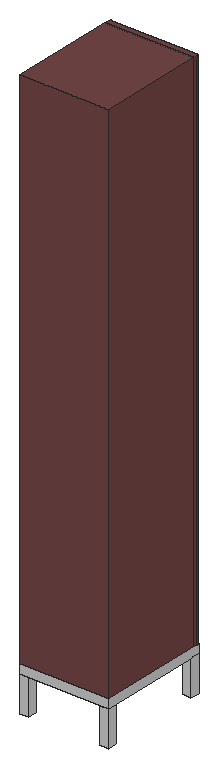
Revit family "IKEA_LILLANGEN_colonna 30", category Arredi fissi, host Muro, Revit 2015
Parameters (values of type "Tipo 1")
  materiale = Legno
  l piede = 3 cm
  h piede = 15 cm
  Profondità = 38 cm
  Larghezza = 30 cm
  Altezza = 194 cm
Reference planes (cm)
  plane 1: y = 0
  plane 2 "Centro (Sinistra/Destra)": x = 12.5
  plane 3 "Indietro": y = 7.5
  plane 4: x = 42.5
  plane 5: y = 45.5
  plane 6: y = 7.5
  plane 7: z = 15
  plane 8: z = 194
  plane 9: y = 43.5
  plane 10: z = 104.5
Forms (cm)
  Extrusion 1, solid, material "Acciaio, Galvanizzato"
    sketch origin (0, 0, 0) x (1, 0, 0) y (0, 1, 0)
      loop
        line (12.5, 45.5) -> (12.5, 42.5) -> (15.5, 42.5) -> (15.5, 45.5) -> (12.5, 45.5)
      loop
        line (39.5, 45.5) -> (39.5, 42.5) -> (42.5, 42.5) -> (42.5, 45.5) -> (39.5, 45.5)
      loop
        line (12.5, 10.5) -> (12.5, 7.5) -> (15.5, 7.5) -> (15.5, 10.5) -> (12.5, 10.5)
      loop
        line (39.5, 10.5) -> (39.5, 7.5) -> (42.5, 7.5) -> (42.5, 10.5) -> (39.5, 10.5)
    from 0 to 12
  Extrusion 2, solid, material "Acciaio, Galvanizzato"
    sketch origin (0, 0, 0) x (1, 0, 0) y (0, 1, 0)
      loop
        line (12.5, 45.5) -> (12.5, 7.5) -> (42.5, 7.5) -> (42.5, 45.5) -> (12.5, 45.5)
      loop
        line (15.5, 42.5) -> (15.5, 10.5) -> (39.5, 10.5) -> (39.5, 42.5) -> (15.5, 42.5)
    from 12 to 15
  Extrusion 3, solid, material "Legno" <- "materiale"
    sketch origin (0, 0, 0) x (1, 0, 0) y (0, 1, 0)
      loop
        line (12.7255, 43.5) -> (12.7255, 43.2793) -> (12.5, 43.2793) -> (12.5, 7.5) -> (42.5, 7.5) -> (42.5, 43.2793) -> (42.2745, 43.2793) -> (42.2745, 43.5) -> (12.7255, 43.5)
    from 15 to 194
  Extrusion 4, solid, material "Legno" <- "materiale"
    sketch origin (0, 0, 0) x (1, 0, 0) y (0, 1, 0)
      loop
        arc (13, 45.5) -> (12.6464, 45.3536) -> (12.5, 45) r 0.5
        line (12.5, 45) -> (12.5, 43.5) -> (42.5, 43.5) -> (42.5, 45)
        arc (42.5, 45) -> (42.3536, 45.3536) -> (42, 45.5) r 0.5
        line (42, 45.5) -> (13, 45.5)
    from 15 to 194
  Extrusion 5, solid, material "Acciaio, Galvanizzato"
    sketch origin (0, 0, 0) x (1, 0, 0) y (0, 1, 0)
      loop
        line (12.5, 43.5) -> (12.5, 46.1416) -> (13.5, 46.1416) -> (13.5, 46.3364) -> (12.4085, 46.3364)
        arc (12.4085, 46.3364) -> (12.333, 46.3052) -> (12.3017, 46.2296) r 0.1068
        line (12.3017, 46.2296) -> (12.3017, 43.5) -> (12.5, 43.5)
    from 101.5632 to 107.3535
Lines and regions (cm)
  reference lines
    curve 1: line (88.3774, 42.5, 0) -> (-2.3039, 42.5, 0)
    curve 2: line (15.5, 70.8131, 0) -> (15.5, -52.4343, 0)
    curve 3: line (39.5, -21.1269, 0) -> (39.5, 73.4248, 0)
    curve 4: line (-137.5, 10.5, 0) -> (162.5, 10.5, 0)
Text (cm)
  text "Lato posizionamento" at (-134.3702, 67.4496, 0), in view "Livello rif."
  text "Lato posizionamento" at (0, 123.2041, 295.8779), in view "Sinistra"
  text "Lato posizionamento" at (0, 59.0385, 303.599), in view "Destra"
Dimensions and locks (cm)
  locked: plane 3 "Indietro" to host wall at 0
  "Larghezza": plane 2 "Centro (Sinistra/Destra)" to plane 4
  "Profondità": plane 5 to plane 6
  "l piede": plane 2 "Centro (Sinistra/Destra)" to curve 2
  "l piede": plane 5 to curve 1
  "l piede": plane 6 to curve 4
  "l piede": curve 3 to plane 4
  locked: plane 9 to plane 5 at 2
  "h piede": curve 1 to plane 7
  "Altezza": curve 1 to plane 8
  aligned and locked: plane 1 to host wall
  aligned and locked: plane 6 to plane 3 "Indietro"
  aligned and locked: Extrusion 1 sketch curve to plane 5
  aligned and locked: plane 2 "Centro (Sinistra/Destra)" to Extrusion 1 sketch curve  (x2)
  aligned and locked: curve 1 to Extrusion 1 sketch curve  (x2)
  aligned and locked: curve 2 to Extrusion 1 sketch curve  (x2)
  aligned and locked: curve 3 to Extrusion 1 sketch curve  (x2)
  aligned and locked: curve 4 to Extrusion 1 sketch curve  (x2)
  aligned and locked: host wall to Extrusion 1 sketch curve  (x2)
  aligned and locked: plane 4 to Extrusion 1 sketch curve
  aligned and locked: Extrusion 2 sketch curve to Extrusion 1  (x6)
  aligned and locked: Extrusion 1 to Extrusion 2 sketch curve  (x2)
  aligned and locked: Extrusion 3 sketch curve to Extrusion 1
  aligned and locked: Extrusion 3 sketch curve to Extrusion 2  (x2)
  aligned and locked: plane 9 to Extrusion 4
  aligned and locked: Extrusion 4 to plane 2 "Centro (Sinistra/Destra)"
  aligned and locked: Extrusion 4 to plane 4
  aligned and locked: plane 5 to Extrusion 4
  aligned and locked: plane 9 to Extrusion 3 sketch curve
  aligned and locked: plane 8 to Extrusion 3
  aligned and locked: plane 8 to Extrusion 4
  aligned and locked: Extrusion 4 to plane 7
  aligned and locked: Extrusion 3 to plane 7
  aligned and locked: Extrusion 5 sketch curve to plane 2 "Centro (Sinistra/Destra)"
Automatic sketch dimensions
  Extrusion 1 sketch curve to plane 4 = 0 cm
  Extrusion 1 sketch curve to plane 5 = 0 cm
  Extrusion 4 sketch curve to plane 2 "Centro (Sinistra/Destra)" = 0 cm
  Extrusion 4 sketch curve to plane 5 = 0 cm
  Extrusion 4 sketch curve to plane 4 = 0 cm
  Extrusion 4 sketch curve to plane 5 = 2 cm
  plane 2 "Centro (Sinistra/Destra)" to Extrusion 4 sketch curve = 0.5 cm
  plane 4 to Extrusion 4 sketch curve = 0.5 cm
  plane 9 to Extrusion 3 sketch curve = 0.2207 cm  (x2)
  Extrusion 3 sketch curve to Extrusion 3 sketch curve = 0.2255 cm
  plane 2 "Centro (Sinistra/Destra)" to Extrusion 3 sketch curve = 0.2255 cm
  plane 9 to Extrusion 5 sketch curve = 0 cm
  Extrusion 5 sketch curve to plane 2 "Centro (Sinistra/Destra)" = 0.1983 cm
  plane 5 to Extrusion 5 sketch curve = 0.6416 cm
  Extrusion 5 sketch curve to plane 2 "Centro (Sinistra/Destra)" = 0.0915 cm
  Extrusion 5 sketch curve to Extrusion 5 sketch curve = 1 cm
  Extrusion 5 sketch curve to Extrusion 5 sketch curve = 0.088 cm
  curve 1 to plane 2 "Centro (Sinistra/Destra)" = 14.8039 cm
  curve 4 to curve 1 = 135.1961 cm
  curve 1 to plane 4 = 45.8774 cm
  curve 1 to curve 4 = 74.1226 cm
  host wall to curve 3 = 13.6269 cm
  curve 2 to curve 3 = 31.3073 cm
  plane 5 to curve 2 = 25.3131 cm
  curve 2 to curve 3 = 2.6117 cm
